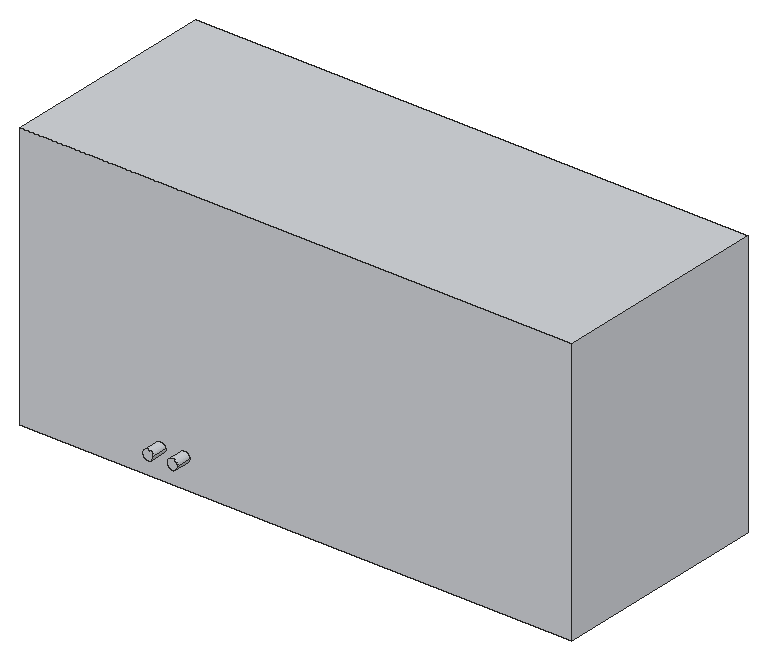
Revit family "M_Resfriador de ar de alta potência - Resfriado a ar - 70-193 kW", category Equipamento mecânico, Revit 2019
Family settings
  Cota do conector redondo = Usar raio
  Tipo de parte = Normal
  Número OmniClass = 23.75.10.24.21.21
  Título OmniClass = Packaged Water Chillers
  ID de item do Seek = Scroll Chiller - Air Cooled - 70-193 kW-0000-CAN-ENU
  Com base no plano de trabalho = Não
  Sempre na vertical = Sim
  Corte com vazios quando carregada = Não
  Compartilhado = Não
  Ponto de cálculo do ambiente = Não
Parameters (values of type "70-88 kW")
  Visível 2 = no
  Visível 1 = no
  Visível 3 = yes
  Voltagem = 460 V
  Queda de pressão [instance] = 32300.0 Pa
  Número de pólos = 3
  Classificação de carga = Refrigeração
  Capacidade de refrigeração [instance] = 8370000 W
  Largura do resfriador = 1092 mm
  Material do resfriador = none
  Raio do fornecimento de água resfriada = 25 mm
  Diâmetro do fornecimento de água resfriada = Raio do fornecimento de água resfriada * 2  # 50 mm
  Raio do retorno de água resfriada = 25 mm
  Diâmetro do retorno de água resfriada = Raio do retorno de água resfriada * 2  # 50 mm
  Fluxo da água resfriada [instance] = 3.6 L/s
  Carga aparente [instance] = 29600 VA
Types (6, lengths in mm): name | Visível 2 | Visível 1 | Visível 3 | Queda de pressão | Capacidade de refrigeração | Largura do resfriador | Fluxo da água resfriada | Carga aparente
  (no name) | no | no | yes | 32300.0 Pa | 8370000 W | 1092 | 3.6 L/s | 29600 VA
  70-88 kW | no | no | yes | 32300.0 Pa | 8370000 W | 1092 | 3.6 L/s | 29600 VA
  105 kW | no | no | yes | 37700.0 Pa | 95700 W | 1092 | 4.1 L/s | 33400 VA
  113-141 kW | yes | no | no | 24500.0 Pa | 133000 W | 2286 | 5.74 L/s | 46400 VA
  148-176 kW | yes | yes | no | 36500.0 Pa | 167000 W | 2286 | 7.19 L/s | 59100 VA
  193 kW | yes | yes | no | 43100.0 Pa | 191000 W | 2286 | 8.2 L/s | 66700 VA
Reference planes
  plane 1 "Centro (Frente/Trás)": y = 0
  plane 2: z = 0
  plane 3 "Centro (Esquerda/Direita)": x = 0
  plane 4: x = 2743.2
  plane 5: y = -1092
  plane 6: z = 1320.8
  plane 7: x = 698.5
  plane 8: x = 819.15
  plane 9: z = 142.875
  plane 10: y = -1168.2
  plane 11: y = -990.4
  plane 12: z = 50.8
  plane 13: x = -50.8
  plane 14: y = -945.95
  plane 15: z = 158.75
  plane 16: x = 2717.8
  plane 17: y = -546
  plane 18: x = 1371.6
  plane 19: x = 685.8
  plane 20: x = 2057.4
  plane 21: y = -273
  plane 22: y = -819
Forms (mm)
  Extrusion 1, solid, material <- "Material do resfriador"
    sketch origin (0, 0, 0) x (1, 0, 0) y (0, 1, 0)
      loop
        line (0, 0) -> (0, -1092) -> (2743.2, -1092) -> (2743.2, 0) -> (0, 0)
    from 0 to 1320.8
  Extrusion 2, solid, material <- "Material do resfriador"
    sketch origin (0, 0, 0) x (1, 0, 0) y (0, 0, 1)
      loop
        circle (698.5, 142.875) r 25
    from 1092 to 1168.2
  Extrusion 3, solid, material <- "Material do resfriador"
    sketch origin (0, 0, 0) x (1, 0, 0) y (0, 0, 1)
      loop
        circle (819.15, 142.875) r 25
    from 1092 to 1168.2
  Extrusion 4, solid, material <- "Material do resfriador"
    sketch origin (0, 0, 0) x (0, 1, 0) y (0, 0, 1)
      loop
        circle (-990.4, 50.8) r 6.35
    from -50.8 to 0
  Extrusion 5, solid, material <- "Material do resfriador"
    sketch origin (0, 0, 0) x (0, 1, 0) y (0, 0, 1)
      loop
        circle (-945.95, 158.75) r 12.7
    from 2717.8 to 2743.2
Cuts and joins
  joined: Extrusion 1, Extrusion 2, Extrusion 3, Extrusion 4, Extrusion 5
Lines and regions (mm)
  model lines, visible <- "Visível 3"
    curve 1: circle (685.8, -546, 1320.8) r 457.2 normal (0, 0, 1)
    curve 2: circle (2057.4, -546, 1320.8) r 457.2 normal (0, 0, 1)
  model lines, visible <- "Visível 1"
    curve 3: circle (685.8, -273, 1320.8) r 228.6 normal (0, 0, 1)
    curve 6: circle (2057.4, -819, 1320.8) r 228.6 normal (0, 0, 1)
  model lines, visible <- "Visível 2"
    curve 4: circle (2057.4, -273, 1320.8) r 228.6 normal (0, 0, 1)
    curve 5: circle (685.8, -819, 1320.8) r 228.6 normal (0, 0, 1)
Dimensions and locks
  locked: plane 3 "Centro (Esquerda/Direita)" to plane 4 at 2743.2
  "Largura do resfriador": plane 5 to plane 1 "Centro (Frente/Trás)"
  locked: plane 6 to plane 2 at 1320.8
  locked: plane 7 to plane 3 "Centro (Esquerda/Direita)" at 698.5
  locked: plane 8 to plane 3 "Centro (Esquerda/Direita)" at 819.15
  locked: plane 9 to plane 2 at 142.875
  locked: plane 5 to plane 10 at 76.2
  locked: plane 12 to plane 2 at 50.8
  locked: plane 13 to plane 3 "Centro (Esquerda/Direita)" at 50.8
  locked: plane 5 to plane 14 at 146.05
  locked: plane 15 to plane 2 at 158.75
  locked: plane 16 to plane 4 at 25.4
  equal spacing: plane 5, plane 17, plane 1 "Centro (Frente/Trás)"
  equal spacing: plane 3 "Centro (Esquerda/Direita)", plane 18, plane 4
  locked: plane 19 to plane 18 at 685.8
  locked: plane 18 to plane 20 at 685.8
  equal spacing: plane 1 "Centro (Frente/Trás)", plane 21, plane 17
  equal spacing: plane 17, plane 22, plane 5
  locked: plane 11 to plane 5 at 101.6
  "Raio do retorno de água resfriada": radius of Extrusion 2 sketch curve
  "Raio do fornecimento de água resfriada": radius of Extrusion 3 sketch curve
  radius of Extrusion 4 sketch curve = 6.35 mm
  radius of Extrusion 5 sketch curve = 12.7 mm
  radius of curve 1 = 457.2 mm
  radius of curve 2 = 457.2 mm
  radius of curve 3 = 228.6 mm
  radius of curve 4 = 228.6 mm
  radius of curve 5 = 228.6 mm
  radius of curve 6 = 228.6 mm
  aligned and locked: plane 3 "Centro (Esquerda/Direita)" to Extrusion 1 sketch curve
  aligned and locked: plane 1 "Centro (Frente/Trás)" to Extrusion 1 sketch curve
  aligned and locked: plane 5 to Extrusion 1 sketch curve
  aligned and locked: Extrusion 1 sketch curve to plane 4
  aligned and locked: plane 6 to Extrusion 1
  aligned and locked: Extrusion 1 to plane 2
  aligned and locked: plane 7 to Extrusion 2 sketch curve
  aligned and locked: plane 9 to Extrusion 2 sketch curve
  aligned and locked: Extrusion 2 to plane 5
  aligned and locked: Extrusion 2 to plane 10
  aligned and locked: plane 8 to Extrusion 3 sketch curve
  aligned and locked: plane 9 to Extrusion 3 sketch curve
  aligned and locked: Extrusion 3 to plane 5
  aligned and locked: Extrusion 3 to plane 10
  aligned and locked: plane 11 to Extrusion 4 sketch curve
  aligned and locked: plane 12 to Extrusion 4 sketch curve
  aligned and locked: Extrusion 4 to plane 13
  aligned and locked: plane 3 "Centro (Esquerda/Direita)" to Extrusion 4
  aligned and locked: plane 14 to Extrusion 5 sketch curve
  aligned and locked: plane 15 to Extrusion 5 sketch curve
  aligned and locked: plane 4 to Extrusion 5
  aligned and locked: Extrusion 5 to plane 16
  aligned and locked: Extrusion 1 to plane 1 "Centro (Frente/Trás)"
  aligned and locked: plane 19 to curve 1
  aligned and locked: plane 17 to curve 1
  aligned and locked: plane 20 to curve 2
  aligned and locked: plane 17 to curve 2
  aligned and locked: plane 19 to curve 3
  aligned and locked: plane 21 to curve 3
  aligned and locked: plane 20 to curve 4
  aligned and locked: plane 21 to curve 4
  aligned and locked: plane 19 to curve 5
  aligned and locked: plane 22 to curve 5
  aligned and locked: plane 20 to curve 6
  aligned and locked: plane 22 to curve 6
Connectors
  piping at (819.15, -1168.2, 142.875), diameter 50, driven by "Fluxo da água resfriada", driven by "Raio do retorno de água resfriada"
    settings: on Extrusion 3, index 1, connector inside diameter 50 mm, connector length 0 mm, flow factor 0, pipe flow 3.6 L/s, pressure drop 0.0 Pa, fitting loss kfactor 0, connector angle 0.00°, fixture units 0, engagement length 0 mm, angle of deflection 0.00°, flow configuration 0, flow direction 1, fitting loss method 4, system type 8, joint type 0, gender type 0, connector reference index 2, connector utility 0, adjustable connector no, is connector primary yes, connector description "Entrada de água resfriada"
  piping at (698.5, -1168.2, 142.875), diameter 50, driven by "Fluxo da água resfriada", driven by "Queda de pressão", driven by "Raio do fornecimento de água resfriada"
    settings: on Extrusion 2, index 2, connector inside diameter 50 mm, connector length 0 mm, flow factor 0, pipe flow 3.6 L/s, pressure drop 32300.0 Pa, fitting loss kfactor 0, connector angle 0.00°, fixture units 0, engagement length 0 mm, angle of deflection 0.00°, flow configuration 0, flow direction 2, fitting loss method 4, system type 7, joint type 0, gender type 0, connector reference index 1, connector utility 0, adjustable connector no, is connector primary no, connector description "Saída de água resfriada"
  piping at (-50.8, -990.4, 50.8), diameter 12.7
    settings: on Extrusion 4, index 3, connector inside diameter 12.7 mm, connector length 0 mm, flow factor 0, pipe flow 0.0 L/s, pressure drop 0.0 Pa, fitting loss kfactor 0, connector angle 0.00°, fixture units 0, engagement length 0 mm, angle of deflection 0.00°, flow configuration 0, flow direction 2, fitting loss method 0, system type 16, joint type 0, gender type 0, connector reference index -1, connector utility 0, adjustable connector yes, is connector primary no, connector description "Saída da drenagem"
  electrical at (2743.2, -945.95, 158.75), driven by "Carga aparente", driven by "Voltagem", driven by "Número de pólos", driven by "Classificação de carga"
    settings: on Extrusion 5, index 4, voltage 460 V, apparent load 29600 VA, apparent load phase1 0 VA, apparent load phase2 0 VA, apparent load phase3 0 VA, power factor 0.8, load classification "Refrigeração", number of poles 3, system type 30, power factor state 1, is connector primary yes, connector utility no, sub classification motor no, connector description ""
